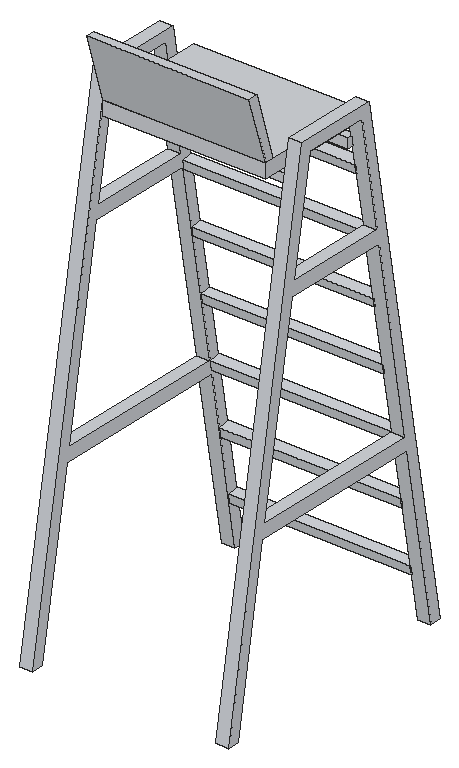
Revit family "АВЛН_Вышка судейская", category Мебель, Revit 2019
Family settings
  Номер OmniClass = 23.40.20.00
  Заголовок OmniClass = General Furniture and Specialties
  На основе рабочей плоскости = Нет
  Всегда вертикально = Да
  При загрузке вырезать с полостями = Нет
  Общий = Нет
  Точка расчета площади = Нет
Parameters (values of type "Вышка судейская")
  Описание = "Вышка судейская универсальная 2,5х1,2х0,95м\r\nВысота сидения – 2,2м"
  Type Comments = ""
  Keynote = ""
  Изготовитель = "Atlet Sports.ru"
  Группа модели = "Оборудование основных помещений школы"
  ADSK_Размер_Ширина = 1200 mm
  ADSK_Размер_Длина = 950 mm
  ADSK_Размер_Высота = 2500 mm
  ADSK_Обозначение = "ГОСТ 56433-2015"
  ADSK_Масса = 0
  ADSK_Код изделия = ""
  ADSK_Единица измерения = "шт"  # constant formula
Reference planes
  plane 1 "По центру (Вперед/Назад)": y = 0
  plane 2: z = 0
  plane 3 "По центру (Влево/Вправо)": x = 0
  plane 4: z = 2500
  plane 5: y = 600
  plane 6: x = 475
  plane 7: x = -475
  plane 8: y = -600
Forms (mm)
  Extrusion 1, solid
    sketch origin (0, -518.993, 2185) x (-1, 0, 0) y (0, -1, 0)
      loop
        line (370, -778.993) -> (370, -258.993) -> (-370, -258.993) -> (-370, -778.993) -> (370, -778.993)
    from -50.278 to 15
  Extrusion 2, solid
    sketch origin (0, 0, 0) x (0, 1, 0) y (0, 0, 1)
      loop
        line (600, 0) -> (197.136, 2284.754) -> (-182.864, 2284.754) -> (-600, 0) -> (-549.174, 0) -> (-409.082, 767.316) -> (413.93, 767.316) -> (549.229, 0) -> (600, 0)
      loop
        line (155.181, 2234.754) -> (-141.166, 2234.754) -> (-230.968, 1742.885) -> (241.911, 1742.885) -> (155.181, 2234.754)
      loop
        line (403.364, 827.239) -> (252.319, 1683.86) -> (-241.745, 1683.86) -> (-398.141, 827.239) -> (403.364, 827.239)
    from 414.865 to 475
  Extrusion 3, solid
    sketch origin (0, 0, 0) x (0, 1, 0) y (0, 0, 1)
      loop
        line (-260, 2200) -> (-220, 2200) -> (-311.719, 2500) -> (-351.719, 2500) -> (-260, 2200)
    from -370 to 370
  Extrusion 4, solid
    sketch origin (0, -518.993, 592.976) x (-1, 0, 0) y (0, -1, 0)
      loop
        line (-414.865, -716.129) -> (415, -716.129) -> (415, -674.174) -> (-414.865, -674.174) -> (-414.865, -716.129)
      loop
        line (-414.865, -377.827) -> (415, -377.827) -> (415, -336.129) -> (-414.865, -336.129) -> (-414.865, -377.827)
    from 1499.704 to 1541.746
  Extrusion 5, solid
    sketch origin (-800, 0, 0) x (0, 1, 0) y (0, 0, 1)
      loop
        line (600, 0) -> (197.136, 2284.754) -> (-182.864, 2284.754) -> (-600, 0) -> (-549.174, 0) -> (-409.082, 767.316) -> (413.93, 767.316) -> (549.229, 0) -> (600, 0)
      loop
        line (155.181, 2234.754) -> (-141.166, 2234.754) -> (-230.968, 1742.885) -> (241.911, 1742.885) -> (155.181, 2234.754)
      loop
        line (403.364, 827.239) -> (252.319, 1683.86) -> (-241.745, 1683.86) -> (-398.141, 827.239) -> (403.364, 827.239)
    from 385 to 325
  Extrusion 6, solid
    sketch origin (0, 0, 0) x (0, 1, 0) y (0, 0, 1)
      loop
        line (514.399, 197.528) -> (563.64, 206.21) -> (556.694, 245.603) -> (507.453, 236.92) -> (514.399, 197.528)
      loop
        line (462.305, 492.97) -> (511.545, 501.653) -> (504.599, 541.045) -> (455.359, 532.362) -> (462.305, 492.97)
      loop
        line (410.21, 788.412) -> (459.451, 797.095) -> (452.505, 836.487) -> (403.264, 827.805) -> (410.21, 788.412)
      loop
        line (358.116, 1083.855) -> (407.356, 1092.537) -> (400.41, 1131.93) -> (351.17, 1123.247) -> (358.116, 1083.855)
      loop
        line (306.021, 1379.297) -> (355.262, 1387.98) -> (348.316, 1427.372) -> (299.075, 1418.689) -> (306.021, 1379.297)
      loop
        line (253.927, 1674.739) -> (303.167, 1683.422) -> (296.221, 1722.814) -> (246.981, 1714.132) -> (253.927, 1674.739)
      loop
        line (201.832, 1970.182) -> (251.073, 1978.864) -> (244.127, 2018.257) -> (194.887, 2009.574) -> (201.832, 1970.182)
    from -415 to 414.865
Dimensions and locks
  plane 2 to plane 4 = 2500 mm
  equal spacing: plane 8, plane 1 "По центру (Вперед/Назад)", plane 5
  equal spacing: plane 7, plane 3 "По центру (Влево/Вправо)", plane 6
  "ADSK_Размер_Длина": plane 7 to plane 6
  "ADSK_Размер_Ширина": plane 5 to plane 8
  "ADSK_Размер_Высота": plane 2 to plane 4
  Extrusion 1 sketch curve to plane 3 "По центру (Влево/Вправо)" to Extrusion 1 sketch curve = 370 mm locked, 370 mm locked
  Extrusion 1 sketch curve to plane 1 "По центру (Вперед/Назад)" to Extrusion 1 sketch curve = 260 mm locked, 260 mm locked
  level to Extrusion 1 = 2200 mm
  level to Extrusion 2 = 2284.754 mm
  locked: plane 6 to Extrusion 2 at 60.135
  locked: Extrusion 5 to plane 7 at 60
  aligned and locked: level to plane 2
  aligned and locked: level to Extrusion 2 sketch curve
  aligned and locked: Extrusion 2 sketch curve to level
  aligned and locked: plane 5 to Extrusion 2 sketch curve
  aligned and locked: plane 8 to Extrusion 2 sketch curve
  aligned and locked: plane 6 to Extrusion 2
  aligned and locked: Extrusion 1 to Extrusion 3
  aligned and locked: Extrusion 3 to Extrusion 1
  aligned and locked: Extrusion 4 to Extrusion 1
  aligned and locked: Extrusion 5 to plane 7
  aligned and locked: Extrusion 5 to Extrusion 6 sketch curve  (x2)
  aligned and locked: Extrusion 6 to Extrusion 2
  aligned and locked: Extrusion 4 to Extrusion 6
Automatic sketch dimensions
  plane 8 to Extrusion 2 sketch curve = 50.826 mm
  plane 8 to Extrusion 2 sketch curve = 190.918 mm
  Extrusion 2 sketch curve to Extrusion 2 sketch curve = 10.94 mm
  plane 1 "По центру (Вперед/Назад)" to Extrusion 2 sketch curve = 241.745 mm
  Extrusion 2 sketch curve to Extrusion 2 sketch curve = 10.776 mm
  plane 1 "По центру (Вперед/Назад)" to Extrusion 2 sketch curve = 182.864 mm
  Extrusion 2 sketch curve to Extrusion 2 sketch curve = 41.698 mm
  Extrusion 2 sketch curve to plane 1 "По центру (Вперед/Назад)" = 155.181 mm
  Extrusion 2 sketch curve to Extrusion 2 sketch curve = 41.955 mm
  Extrusion 2 sketch curve to plane 1 "По центру (Вперед/Назад)" = 241.911 mm
  Extrusion 2 sketch curve to Extrusion 2 sketch curve = 10.408 mm
  Extrusion 2 sketch curve to plane 5 = 196.636 mm
  Extrusion 2 sketch curve to Extrusion 2 sketch curve = 10.566 mm
  Extrusion 2 sketch curve to plane 5 = 50.771 mm
  level to Extrusion 2 sketch curve = 767.316 mm
  Extrusion 2 sketch curve to Extrusion 2 sketch curve = 59.922 mm
  plane 4 to Extrusion 2 sketch curve = 816.14 mm
  Extrusion 2 sketch curve to Extrusion 2 sketch curve = 59.024 mm
  plane 4 to Extrusion 2 sketch curve = 265.246 mm
  Extrusion 2 sketch curve to Extrusion 2 sketch curve = 50 mm
  plane 4 to Extrusion 3 sketch curve = 0 mm
  plane 8 to Extrusion 3 sketch curve = 248.281 mm
  Extrusion 3 sketch curve to Extrusion 3 sketch curve = 40 mm  (x2)
  plane 1 "По центру (Вперед/Назад)" to Extrusion 3 sketch curve = 260 mm
  plane 4 to Extrusion 3 sketch curve = 300 mm
  Extrusion 4 sketch curve to plane 6 = 60.135 mm  (x2)
  plane 7 to Extrusion 4 sketch curve = 60 mm  (x2)
  Extrusion 4 sketch curve to plane 1 "По центру (Вперед/Назад)" = 197.136 mm
  Extrusion 4 sketch curve to Extrusion 4 sketch curve = 41.955 mm
  plane 1 "По центру (Вперед/Назад)" to Extrusion 4 sketch curve = 141.166 mm
  Extrusion 4 sketch curve to Extrusion 4 sketch curve = 41.698 mm
  Extrusion 5 sketch curve to level = 0 mm  (x2)
  Extrusion 5 sketch curve to plane 8 = 0 mm
  Extrusion 5 sketch curve to plane 5 = 0 mm
  plane 8 to Extrusion 5 sketch curve = 50.826 mm
  plane 8 to Extrusion 5 sketch curve = 190.918 mm
  Extrusion 5 sketch curve to Extrusion 5 sketch curve = 10.94 mm
  plane 1 "По центру (Вперед/Назад)" to Extrusion 5 sketch curve = 241.745 mm
  Extrusion 5 sketch curve to Extrusion 5 sketch curve = 10.776 mm
  plane 1 "По центру (Вперед/Назад)" to Extrusion 5 sketch curve = 182.864 mm
  Extrusion 5 sketch curve to Extrusion 5 sketch curve = 41.698 mm
  Extrusion 5 sketch curve to plane 1 "По центру (Вперед/Назад)" = 155.181 mm
  Extrusion 5 sketch curve to Extrusion 5 sketch curve = 41.955 mm
  Extrusion 5 sketch curve to plane 1 "По центру (Вперед/Назад)" = 241.911 mm
  Extrusion 5 sketch curve to Extrusion 5 sketch curve = 10.408 mm
  Extrusion 5 sketch curve to plane 5 = 196.636 mm
  Extrusion 5 sketch curve to Extrusion 5 sketch curve = 10.566 mm
  Extrusion 5 sketch curve to Extrusion 5 sketch curve = 50.771 mm
  level to Extrusion 5 sketch curve = 767.316 mm
  Extrusion 5 sketch curve to Extrusion 5 sketch curve = 59.922 mm
  plane 4 to Extrusion 5 sketch curve = 816.14 mm
  Extrusion 5 sketch curve to Extrusion 5 sketch curve = 59.024 mm
  plane 4 to Extrusion 5 sketch curve = 265.246 mm
  Extrusion 5 sketch curve to Extrusion 5 sketch curve = 50 mm
  Extrusion 6 sketch curve to plane 1 "По центру (Вперед/Назад)" = 194.887 mm
  Extrusion 6 sketch curve to Extrusion 6 sketch curve = 6.946 mm  (x7)
  Extrusion 6 sketch curve to Extrusion 6 sketch curve = 49.24 mm  (x6)
  Extrusion 6 sketch curve to plane 1 "По центру (Вперед/Назад)" = 246.981 mm
  Extrusion 6 sketch curve to Extrusion 6 sketch curve = 45.149 mm
  Extrusion 6 sketch curve to plane 5 = 248.83 mm
  Extrusion 6 sketch curve to plane 5 = 196.736 mm
  Extrusion 6 sketch curve to plane 5 = 144.641 mm
  Extrusion 6 sketch curve to plane 5 = 92.547 mm
  Extrusion 6 sketch curve to Extrusion 6 sketch curve = 256.05 mm  (x6)
  Extrusion 6 sketch curve to Extrusion 6 sketch curve = 8.682 mm  (x6)
